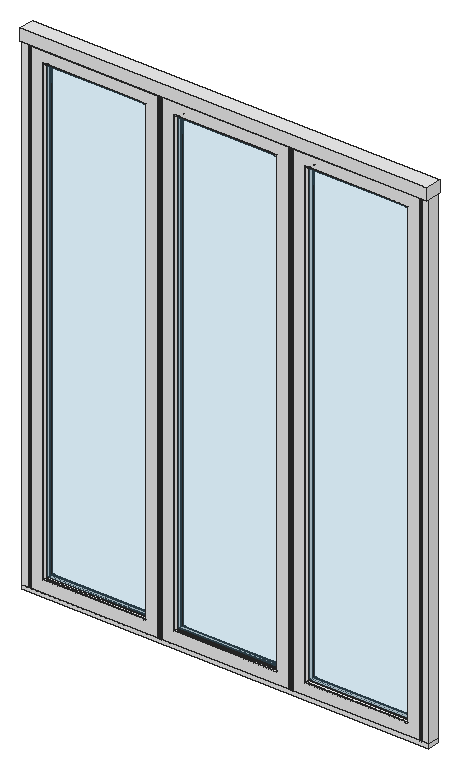
Revit family "Window-NanaWall-WD-66", category Windows, host Wall, Revit 2013 (continued)
Definition of nested family "Left-Jamb_WD-66"
  Definition of nested family "RightJamb_WD66"
    Lines and regions (in)
      model lines, style "DetailComponents", in view "Ref. Level", visible <- "Half Piece"
        curve 430: line (0.3799084, -0.5708661, 0) -> (0.7736091, -0.5708661, 0)
        curve 431: line (0.7736091, -1.2795276, 0) -> (0.7736091, -1.0991949, 0)
        curve 491: line (2.8602233, -0.8070866, 0) -> (2.8602233, -0.7086614, 0)
        curve 492: line (2.8602233, -0.7086614, 0) -> (3.0373887, -0.7086614, 0)
        curve 493: line (3.0373887, -0.7086614, 0) -> (3.0373887, -0.7480315, 0)
        curve 494: line (3.0373887, -0.7480315, 0) -> (3.1228615, -0.7169219, 0)
        curve 495: line (3.1358139, -0.698424, 0) -> (3.1358139, -0.6692913, 0)
        curve 496: line (3.1161288, -0.6496063, 0) -> (2.9192784, -0.6496063, 0)
        curve 497: line (2.9192784, -0.6496063, 0) -> (2.9192784, -0.4928982, 0)
        curve 498: line (2.9192784, -0.4928982, 0) -> (2.9074674, -0.4724409, 0)
        curve 499: line (2.9074674, -0.4724409, 0) -> (2.9192784, -0.4519837, 0)
        curve 500: line (2.9192784, -0.4519837, 0) -> (2.9192784, -0.2423921, 0)
        curve 501: line (3.1228615, 0.6381818, 0) -> (3.0373887, 0.6692913, 0)
        curve 502: line (3.0373887, 0.6692913, 0) -> (3.0373887, 0.6299213, 0)
        curve 503: line (3.0373887, 0.6299213, 0) -> (2.8602233, 0.6299213, 0)
        curve 504: line (2.8602233, 0.6299213, 0) -> (2.8602233, 0.7283465, 0)
        curve 505: line (2.9192784, 0.1636519, 0) -> (2.9192784, 0.3732435, 0)
        curve 506: line (2.9192784, 0.3732435, 0) -> (2.9074674, 0.3937008, 0)
        curve 507: line (2.9074674, 0.3937008, 0) -> (2.9192784, 0.4141581, 0)
        curve 508: line (2.9192784, 0.4141581, 0) -> (2.9192784, 0.5708661, 0)
        curve 509: line (2.9192784, 0.5708661, 0) -> (3.1161288, 0.5708661, 0)
        curve 510: line (3.1358139, 0.5905512, 0) -> (3.1358139, 0.6196839, 0)
        curve 511: line (2.702743, -0.8464567, 0) -> (2.8208532, -0.8464567, 0)
        curve 512: line (2.6633729, -0.7086614, 0) -> (2.8208532, -0.7086614, 0)
        curve 513: line (2.8208532, -0.7086614, 0) -> (2.8208532, -0.8070866, 0)
        curve 514: line (2.8208532, -0.8070866, 0) -> (2.7421131, -0.8070866, 0)
        curve 515: line (2.8405383, 0.5905512, 0) -> (2.702743, 0.5905512, 0)
        curve 516: line (2.702743, 0.5905512, 0) -> (2.8405383, 0.5905512, 0)
        curve 517: line (2.8405383, 0.5905512, 0) -> (2.8405383, 0.2203531, 0)
        curve 518: line (2.694869, -0.2403889, 0) -> (2.694869, 0.1616488, 0)
        curve 519: line (2.6240028, 0.2362205, 0) -> (2.6240028, -0.3149606, 0)
        curve 520: line (2.8846847, -0.1588755, 0) -> (2.8693701, -0.1435609, 0)
        curve 521: line (2.6739579, -0.3543307, 0) -> (2.6633729, -0.3543307, 0)
        curve 522: line (2.6633729, -0.3543307, 0) -> (2.6739579, -0.3543307, 0)
        curve 523: line (2.8693701, 0.0648207, 0) -> (2.8846847, 0.0801354, 0)
        curve 524: line (2.6633729, 0.2755906, 0) -> (2.6739579, 0.2755906, 0)
        curve 525: line (2.6739579, 0.2755906, 0) -> (2.6633729, 0.2755906, 0)
        curve 526: line (2.8208532, 0.7677165, 0) -> (2.702743, 0.7677165, 0)
        curve 527: line (2.7421131, 0.7283465, 0) -> (2.8208532, 0.7283465, 0)
        curve 528: line (2.8208532, 0.7283465, 0) -> (2.8208532, 0.6299213, 0)
        curve 529: line (2.8208532, 0.6299213, 0) -> (2.6633729, 0.6299213, 0)
        curve 530: line (3.0373887, -1.3385827, 0) -> (0.8523493, -1.3385827, 0)
        curve 531: line (3.0570737, -0.8661417, 0) -> (2.5846328, -0.8661417, 0)
        curve 532: line (2.5846328, -0.8661417, 0) -> (2.5846328, -0.6692913, 0)
        curve 533: line (2.5846328, -0.6692913, 0) -> (2.8405383, -0.6692913, 0)
        curve 534: line (2.8405383, -0.6692913, 0) -> (2.702743, -0.6692913, 0)
        curve 535: line (2.702743, -0.6692913, 0) -> (2.8405383, -0.6692913, 0)
        curve 536: line (2.8405383, -0.6692913, 0) -> (2.8405383, -0.2990933, 0)
        curve 537: line (0.4545703, 1.2598425, 0) -> (3.0373887, 1.2598425, 0)
        curve 538: line (3.1358139, -0.9448819, 0) -> (3.1358139, -1.2401575, 0)
        curve 539: line (3.1358139, 1.1614173, 0) -> (3.1358139, 0.8661417, 0)
        curve 540: line (2.8405383, -0.6692913, 0) -> (2.8405383, -0.3543307, 0)
        curve 541: line (2.8405383, -0.3543307, 0) -> (2.5846328, -0.3543307, 0)
        curve 542: line (2.5846328, -0.3543307, 0) -> (2.5846328, 0.2755906, 0)
        curve 543: line (2.5846328, 0.2755906, 0) -> (2.8405383, 0.2755906, 0)
        curve 544: line (2.8405383, 0.2755906, 0) -> (2.8405383, 0.5905512, 0)
        curve 545: line (2.8405383, 0.5905512, 0) -> (2.5846328, 0.5905512, 0)
        curve 546: line (2.5846328, 0.5905512, 0) -> (2.5846328, 0.7874016, 0)
        curve 547: line (2.5846328, 0.7874016, 0) -> (3.0570737, 0.7874016, 0)
        curve 548: line (0.8720343, -0.9000145, 0) -> (0.8720343, -1.0094344, 0)
        curve 549: line (0.8720343, -1.0094344, 0) -> (0.8720343, -0.9000145, 0)
        curve 550: line (0.8720343, 0.3543307, 0) -> (0.8720343, 0, 0)
        curve 551: line (0.8720343, 0, 0) -> (0.7736091, 0, 0)
        curve 552: line (0.7898759, -0.86901, 0) -> (0.8557676, -0.8806285, 0)
        curve 553: line (0.7898759, -1.0404388, 0) -> (0.8557676, -1.0288203, 0)
        curve 554: line (0.0685092, 0.6535903, 0) -> (0.2325957, 1.1044142, 0)
        curve 555: line (0.0822446, 0.591634, 0) -> (0.1226975, 0.5511811, 0)
        curve 556: line (0.1226975, 0.5511811, 0) -> (0.2814832, 0.5511811, 0)
      model lines, style "DetailComponents", in view "Ref. Level"
        curve 33: arc (3.7460501, -0.321217, 0) -> (3.8051812, -0.2238618, 0) -> (3.8381427, -0.1148294, 0) r 0.4527559
        curve 35: arc (3.9330623, -0.1068616, 0) -> (3.9664576, -0.1756033, 0) -> (4.0200522, -0.2300853, 0) r 0.2362205
        curve 36: arc (4.0200522, -0.2300853, 0) -> (4.0398055, -0.2321164, 0) -> (4.0512776, -0.215908, 0) r 0.019685
        curve 37: arc (4.0200522, 0.1513451, 0) -> (3.9664576, 0.0968631, 0) -> (3.9330623, 0.0281215, 0) r 0.2362205
        curve 38: arc (4.0610107, 0.0259178, 0) -> (4.0413257, -0.0393701, 0) -> (4.0610107, -0.104658, 0) r 0.1181102
        curve 39: arc (4.0512776, 0.1371678, 0) -> (4.0398055, 0.1533763, 0) -> (4.0200522, 0.1513451, 0) r 0.019685
        curve 40: arc (3.8381427, 0.0360892, 0) -> (3.8182601, 0.1124552, 0) -> (3.7854202, 0.184209, 0) r 0.4527559
        curve 41: arc (3.8575524, -0.0984252, 0) -> (3.8448458, -0.1030755, 0) -> (3.8381427, -0.1148294, 0) r 0.019685
        curve 42: arc (3.8381427, 0.0360892, 0) -> (3.8448458, 0.0243354, 0) -> (3.8575524, 0.019685, 0) r 0.019685
        curve 43: arc (3.9330623, -0.1068616, 0) -> (3.9288021, -0.1007663, 0) -> (3.9217436, -0.0984252, 0) r 0.011811
        curve 44: arc (3.9217436, 0.019685, 0) -> (3.9288021, 0.0220262, 0) -> (3.9330623, 0.0281215, 0) r 0.011811
        curve 47: arc (3.7566086, 0.5135267, 0) -> (3.7496518, 0.5268906, 0) -> (3.7352828, 0.5314212, 0) r 0.019685
        curve 78: arc (3.7981449, 0.7009713, 0) -> (3.8011728, 0.7069146, 0) -> (3.7985536, 0.7130489, 0) r 0.007874
        curve 79: arc (3.7570433, 0.6467584, 0) -> (3.7619722, 0.6407761, 0) -> (3.7696393, 0.6419162, 0) r 0.007874
        curve 80: arc (3.7538045, 0.6651265, 0) -> (3.7499871, 0.6705783, 0) -> (3.743357, 0.6711584, 0) r 0.007874
        curve 81: arc (3.8453799, 0.7009713, 0) -> (3.8484078, 0.7069146, 0) -> (3.8457886, 0.7130489, 0) r 0.007874
        curve 82: arc (3.7709855, 0.779978, 0) -> (3.7659133, 0.781982, 0) -> (3.7607556, 0.7802096, 0) r 0.007874
        curve 83: arc (3.7233905, 0.7550084, 0) -> (3.727531, 0.7545118, 0) -> (3.7313445, 0.7561994, 0) r 0.007874
        curve 84: arc (3.7759883, 0.7332389, 0) -> (3.7709161, 0.7352429, 0) -> (3.7657585, 0.7334705, 0) r 0.007874
        curve 86: arc (3.6476249, 0.6894568, 0) -> (3.6509826, 0.6830067, 0) -> (3.658192, 0.6820576, 0) r 0.007874
        curve 88: arc (3.6584735, 0.7389739, 0) -> (3.651107, 0.7382187, 0) -> (3.6476249, 0.7316833, 0) r 0.007874
        curve 104: arc (3.798066, -0.7891193, 0) -> (3.8006851, -0.782985, 0) -> (3.7976572, -0.7770417, 0) r 0.007874
        curve 105: arc (3.7691516, -0.7179866, 0) -> (3.7614846, -0.7168465, 0) -> (3.7565556, -0.7228289, 0) r 0.007874
        curve 106: arc (3.7428694, -0.7472288, 0) -> (3.7494994, -0.7466487, 0) -> (3.7533168, -0.7411969, 0) r 0.007874
        curve 107: arc (3.845301, -0.7891193, 0) -> (3.8479201, -0.782985, 0) -> (3.8448922, -0.7770417, 0) r 0.007874
        curve 108: arc (3.760268, -0.85628, 0) -> (3.7654256, -0.8580524, 0) -> (3.7704978, -0.8560485, 0) r 0.007874
        curve 109: arc (3.7308569, -0.8322698, 0) -> (3.7270434, -0.8305822, 0) -> (3.7229028, -0.8310789, 0) r 0.007874
        curve 110: arc (3.7652708, -0.8095409, 0) -> (3.7704285, -0.8113133, 0) -> (3.7755006, -0.8093093, 0) r 0.007874
        curve 112: arc (3.6577043, -0.758128, 0) -> (3.6504949, -0.7590772, 0) -> (3.6471372, -0.7655272, 0) r 0.007874
        curve 114: arc (3.6476249, -0.8104817, 0) -> (3.6518379, -0.81496, 0) -> (3.6579858, -0.8150443, 0) r 0.007874
        curve 119: arc (3.6476249, -1.2401575, 0) -> (3.676453, -1.3097546, 0) -> (3.7460501, -1.3385827, 0) r 0.0984252
        curve 120: arc (3.6476249, 0.8661417, 0) -> (3.6706873, 0.810464, 0) -> (3.726365, 0.7874016, 0) r 0.0787402
        curve 121: arc (3.726365, -0.8661417, 0) -> (3.6706873, -0.8892042, 0) -> (3.6476249, -0.9448819, 0) r 0.0787402
        curve 122: arc (3.7460501, 1.2598425, 0) -> (3.676453, 1.2310144, 0) -> (3.6476249, 1.1614173, 0) r 0.0984252
        curve 123: arc (5.222428, 1.1614173, 0) -> (5.1936, 1.2310144, 0) -> (5.1240028, 1.2598425, 0) r 0.0984252
        curve 124: arc (5.1240028, -1.3385827, 0) -> (5.1936, -1.3097546, 0) -> (5.222428, -1.2401575, 0) r 0.0984252
        curve 125: arc (3.8641603, 0.1636519, 0) -> (3.8731509, 0.1184531, 0) -> (3.898754, 0.0801354, 0) r 0.1181102
        curve 126: arc (3.898754, -0.1588755, 0) -> (3.8731509, -0.1971932, 0) -> (3.8641603, -0.2423921, 0) r 0.1181102
        curve 127: arc (3.6673099, -0.6496063, 0) -> (3.6533905, -0.6553719, 0) -> (3.6476249, -0.6692913, 0) r 0.019685
        curve 128: arc (3.6476249, -0.698424, 0) -> (3.6511849, -0.7097149, 0) -> (3.6605772, -0.7169219, 0) r 0.019685
        curve 129: arc (3.6605772, 0.6381818, 0) -> (3.6511849, 0.6309748, 0) -> (3.6476249, 0.6196839, 0) r 0.019685
        curve 130: arc (3.6476249, 0.5905512, 0) -> (3.6533905, 0.5766318, 0) -> (3.6673099, 0.5708661, 0) r 0.019685
        curve 131: arc (4.0806958, -0.8464567, 0) -> (4.0691645, -0.8186178, 0) -> (4.0413257, -0.8070866, 0) r 0.0393701
        curve 132: arc (3.9232154, -0.8070866, 0) -> (3.9347467, -0.8349255, 0) -> (3.9625855, -0.8464567, 0) r 0.0393701
        curve 133: arc (4.1200658, -0.7086614, 0) -> (4.1085346, -0.6808226, 0) -> (4.0806958, -0.6692913, 0) r 0.0393701
        curve 134: arc (3.945522, -0.1485326, 0) -> (3.9310614, -0.1380367, 0) -> (3.9140686, -0.1435609, 0) r 0.019685
        curve 135: arc (3.9620231, -0.2898174, 0) -> (4.0316149, -0.3315301, 0) -> (4.1094809, -0.3543307, 0) r 0.3188976
        curve 136: arc (3.945522, -0.1485326, 0) -> (3.9937973, -0.2132651, 0) -> (4.0607998, -0.258337, 0) r 0.2401575
        curve 137: arc (3.9620231, -0.2898174, 0) -> (3.9495567, -0.2884665, 0) -> (3.9429005, -0.2990933, 0) r 0.011811
        curve 138: arc (4.1200658, -0.3543307, 0) -> (4.1479047, -0.3427995, 0) -> (4.1594359, -0.3149606, 0) r 0.0393701
        curve 139: arc (4.0607998, -0.258337, 0) -> (4.07957, -0.2569215, 0) -> (4.0885698, -0.2403889, 0) r 0.019685
        curve 140: arc (4.0607998, 0.1795969, 0) -> (3.9937973, 0.1345249, 0) -> (3.945522, 0.0697924, 0) r 0.2401575
        curve 141: arc (4.1094809, 0.2755906, 0) -> (4.0316149, 0.25279, 0) -> (3.9620231, 0.2110773, 0) r 0.3188976
        curve 142: arc (3.9140686, 0.0648207, 0) -> (3.9310614, 0.0592965, 0) -> (3.945522, 0.0697924, 0) r 0.019685
        curve 143: arc (3.9429005, 0.2203531, 0) -> (3.9495567, 0.2097263, 0) -> (3.9620231, 0.2110773, 0) r 0.011811
        curve 144: arc (4.1594359, 0.2362205, 0) -> (4.1479047, 0.2640593, 0) -> (4.1200658, 0.2755906, 0) r 0.0393701
        curve 145: arc (4.0885698, 0.1616488, 0) -> (4.07957, 0.1781814, 0) -> (4.0607998, 0.1795969, 0) r 0.019685
        curve 146: arc (4.0413257, 0.7283465, 0) -> (4.0691645, 0.7398777, 0) -> (4.0806958, 0.7677165, 0) r 0.0393701
        curve 147: arc (3.9625855, 0.7677165, 0) -> (3.9347467, 0.7561853, 0) -> (3.9232154, 0.7283465, 0) r 0.0393701
        curve 148: arc (4.0806958, 0.5905512, 0) -> (4.1085346, 0.6020824, 0) -> (4.1200658, 0.6299213, 0) r 0.0393701
        curve 257: line (3.7566086, 0.5135267, 0) -> (3.7854202, 0.184209, 0)
        curve 258: line (4.0512776, -0.215908, 0) -> (4.0610107, -0.104658, 0)
        curve 259: line (4.0610107, 0.0259178, 0) -> (4.0512776, 0.1371678, 0)
        curve 260: line (3.8575524, -0.0984252, 0) -> (3.9217436, -0.0984252, 0)
        curve 261: line (3.9217436, 0.019685, 0) -> (3.8575524, 0.019685, 0)
        curve 262: line (3.7460501, -0.321217, 0) -> (3.7460501, -0.635336, 0)
        curve 263: line (3.7460501, -0.635336, 0) -> (3.6476249, -0.6439471, 0)
        curve 264: line (3.6476249, -0.6439471, 0) -> (3.6476249, -1.3385827, 0)
        curve 327: line (3.7233905, 0.7550084, 0) -> (3.6476249, 0.785921, 0)
        curve 328: line (3.6476249, 0.785921, 0) -> (3.6476249, 1.0024565, 0)
        curve 329: line (3.658192, 0.6820576, 0) -> (3.6836355, 0.6913183, 0)
        curve 330: line (3.6836355, 0.6913183, 0) -> (3.7857645, 0.6913183, 0)
        curve 331: line (3.7857645, 0.6913183, 0) -> (3.7981449, 0.7009713, 0)
        curve 332: line (3.6476249, 0.5497006, 0) -> (3.6476249, 0.6363147, 0)
        curve 333: line (3.6476249, 0.6363147, 0) -> (3.743357, 0.6711584, 0)
        curve 334: line (3.7657585, 0.7334705, 0) -> (3.7528457, 0.7229289, 0)
        curve 335: line (3.7528457, 0.7229289, 0) -> (3.6977991, 0.7229289, 0)
        curve 336: line (3.6977991, 0.7229289, 0) -> (3.6584735, 0.7389739, 0)
        curve 337: line (3.8457886, 0.7130489, 0) -> (3.7709855, 0.779978, 0)
        curve 338: line (3.7985536, 0.7130489, 0) -> (3.7759883, 0.7332389, 0)
        curve 339: line (3.7696393, 0.6419162, 0) -> (3.8453799, 0.7009713, 0)
        curve 340: line (3.7538045, 0.6651265, 0) -> (3.7570433, 0.6467584, 0)
        curve 341: line (3.7607556, 0.7802096, 0) -> (3.7313445, 0.7561994, 0)
        curve 342: line (3.6476249, 0.7316833, 0) -> (3.6476249, 0.6894568, 0)
        curve 393: line (3.7229028, -0.8310789, 0) -> (3.6471372, -0.8619914, 0)
        curve 394: line (3.6471372, -0.8619914, 0) -> (3.6471372, -1.0785269, 0)
        curve 395: line (3.6577043, -0.758128, 0) -> (3.6831478, -0.7673887, 0)
        curve 396: line (3.6831478, -0.7673887, 0) -> (3.7852768, -0.7673887, 0)
        curve 397: line (3.7852768, -0.7673887, 0) -> (3.7976572, -0.7770417, 0)
        curve 398: line (3.6471372, -0.625771, 0) -> (3.6471372, -0.7123851, 0)
        curve 399: line (3.6471372, -0.7123851, 0) -> (3.7428694, -0.7472288, 0)
        curve 400: line (3.7652708, -0.8095409, 0) -> (3.752358, -0.7989993, 0)
        curve 401: line (3.752358, -0.7989993, 0) -> (3.6973114, -0.7989993, 0)
        curve 402: line (3.6973114, -0.7989993, 0) -> (3.6579858, -0.8150443, 0)
        curve 403: line (3.845301, -0.7891193, 0) -> (3.7704978, -0.8560485, 0)
        curve 404: line (3.798066, -0.7891193, 0) -> (3.7755006, -0.8093093, 0)
        curve 405: line (3.7691516, -0.7179866, 0) -> (3.8448922, -0.7770417, 0)
        curve 406: line (3.7533168, -0.7411969, 0) -> (3.7565556, -0.7228289, 0)
        curve 407: line (3.760268, -0.85628, 0) -> (3.7308569, -0.8322698, 0)
        curve 408: line (3.6471372, -0.8077537, 0) -> (3.6471372, -0.7655272, 0)
        curve 432: line (3.6476249, -0.9448819, 0) -> (3.6476249, -1.2401575, 0)
        curve 433: line (3.7460501, -1.3385827, 0) -> (5.1240028, -1.3385827, 0)
        curve 434: line (3.726365, 0.7874016, 0) -> (4.198806, 0.7874016, 0)
        curve 435: line (4.198806, 0.7874016, 0) -> (4.198806, 0.5905512, 0)
        curve 436: line (4.198806, 0.5905512, 0) -> (3.9429005, 0.5905512, 0)
        curve 437: line (3.9429005, 0.5905512, 0) -> (3.9429005, 0.2203531, 0)
        curve 438: line (5.1240028, 1.2598425, 0) -> (3.7460501, 1.2598425, 0)
        curve 439: line (3.726365, -0.8661417, 0) -> (4.198806, -0.8661417, 0)
        curve 440: line (4.198806, -0.8661417, 0) -> (4.198806, -0.6692913, 0)
        curve 441: line (4.198806, -0.6692913, 0) -> (3.9429005, -0.6692913, 0)
        curve 442: line (3.9429005, -0.6692913, 0) -> (3.9429005, -0.3543307, 0)
        curve 443: line (3.9429005, -0.3543307, 0) -> (4.198806, -0.3543307, 0)
        curve 444: line (4.198806, -0.3543307, 0) -> (4.198806, 0.2755906, 0)
        curve 445: line (4.198806, 0.2755906, 0) -> (3.9429005, 0.2755906, 0)
        curve 446: line (3.9429005, 0.2755906, 0) -> (3.9429005, 0.5905512, 0)
        curve 447: line (3.9429005, 0.5905512, 0) -> (4.0806958, 0.5905512, 0)
        curve 448: line (4.0806958, 0.5905512, 0) -> (3.9429005, 0.5905512, 0)
        curve 449: line (3.6476249, 1.1614173, 0) -> (3.6476249, 0.8661417, 0)
        curve 450: line (5.222428, 1.1614173, 0) -> (5.222428, 0.3543307, 0)
        curve 451: line (5.222428, 0.3543307, 0) -> (4.9862076, 0.3543307, 0)
        curve 452: line (4.9862076, 0.3543307, 0) -> (4.9862076, -0.4330709, 0)
        curve 453: line (4.9862076, -0.4330709, 0) -> (5.222428, -0.4330709, 0)
        curve 454: line (5.222428, -0.4330709, 0) -> (5.222428, -1.2401575, 0)
        curve 455: line (3.9232154, -0.8070866, 0) -> (3.9232154, -0.7086614, 0)
        curve 456: line (3.9232154, -0.7086614, 0) -> (3.7460501, -0.7086614, 0)
        curve 457: line (3.7460501, -0.7086614, 0) -> (3.7460501, -0.7480315, 0)
        curve 458: line (3.7460501, -0.7480315, 0) -> (3.6605772, -0.7169219, 0)
        curve 459: line (3.6476249, -0.698424, 0) -> (3.6476249, -0.6692913, 0)
        curve 460: line (3.6673099, -0.6496063, 0) -> (3.8641603, -0.6496063, 0)
        curve 461: line (3.8641603, -0.6496063, 0) -> (3.8641603, -0.4928982, 0)
        curve 462: line (3.8641603, -0.4928982, 0) -> (3.8759713, -0.4724409, 0)
        curve 463: line (3.8759713, -0.4724409, 0) -> (3.8641603, -0.4519837, 0)
        curve 464: line (3.8641603, -0.4519837, 0) -> (3.8641603, -0.2423921, 0)
        curve 465: line (3.6605772, 0.6381818, 0) -> (3.7460501, 0.6692913, 0)
        curve 466: line (3.7460501, 0.6692913, 0) -> (3.7460501, 0.6299213, 0)
        curve 467: line (3.7460501, 0.6299213, 0) -> (3.9232154, 0.6299213, 0)
        curve 468: line (3.9232154, 0.6299213, 0) -> (3.9232154, 0.7283465, 0)
        curve 469: line (3.8641603, 0.1636519, 0) -> (3.8641603, 0.3732435, 0)
        curve 470: line (3.8641603, 0.3732435, 0) -> (3.8759713, 0.3937008, 0)
        curve 471: line (3.8759713, 0.3937008, 0) -> (3.8641603, 0.4141581, 0)
        curve 472: line (3.8641603, 0.4141581, 0) -> (3.8641603, 0.5708661, 0)
        curve 473: line (3.8641603, 0.5708661, 0) -> (3.6673099, 0.5708661, 0)
        curve 474: line (3.6476249, 0.5905512, 0) -> (3.6476249, 0.6196839, 0)
        curve 475: line (3.9429005, -0.2990933, 0) -> (3.9429005, -0.6692913, 0)
        curve 476: line (3.9429005, -0.6692913, 0) -> (4.0806958, -0.6692913, 0)
        curve 477: line (4.0806958, -0.8464567, 0) -> (3.9625855, -0.8464567, 0)
        curve 478: line (4.1200658, -0.7086614, 0) -> (3.9625855, -0.7086614, 0)
        curve 479: line (3.9625855, -0.7086614, 0) -> (3.9625855, -0.8070866, 0)
        curve 480: line (3.9625855, -0.8070866, 0) -> (4.0413257, -0.8070866, 0)
        curve 481: line (4.0885698, -0.2403889, 0) -> (4.0885698, 0.1616488, 0)
        curve 482: line (4.1594359, 0.2362205, 0) -> (4.1594359, -0.3149606, 0)
        curve 483: line (3.898754, -0.1588755, 0) -> (3.9140686, -0.1435609, 0)
        curve 484: line (4.1200658, -0.3543307, 0) -> (4.1094809, -0.3543307, 0)
        curve 485: line (3.9140686, 0.0648207, 0) -> (3.898754, 0.0801354, 0)
        curve 486: line (4.1094809, 0.2755906, 0) -> (4.1200658, 0.2755906, 0)
        curve 487: line (3.9625855, 0.7677165, 0) -> (4.0806958, 0.7677165, 0)
        curve 488: line (4.0413257, 0.7283465, 0) -> (3.9625855, 0.7283465, 0)
        curve 489: line (3.9625855, 0.7283465, 0) -> (3.9625855, 0.6299213, 0)
        curve 490: line (3.9625855, 0.6299213, 0) -> (4.1200658, 0.6299213, 0)
      detail lines, in view "Ref. Level", visible <- "Half Piece"
        curve 557: line (3.6476249, -1.3582677, 0) -> (3.6476249, -1.2401575, 0)
      detail lines, in view "Ref. Level"
        curve 558: line (3.6476249, 0.5237521, 0) -> (3.7352828, 0.5314212, 0)
        curve 559: line (3.6476249, -1.2745626, 0) -> (3.6476249, -1.3385827, 0)
Definition of nested family "DetailItem_Panel"
  Parameters (values of type "DetailItem_Panel")
    Panel Thickness = 0' - 1 3/4"
    Panel Width = 2' - 5 135/256"
    Assembly Code = ""
  Reference planes (in)
    plane 1 "Center (Front/Back)": y = -1.6601664
    plane 2: z = 0
    plane 3 "Center (Left/Right)": x = 0.0452739
    plane 4 "Right": x = 0.9202739
    plane 5: x = -0.8297261
    plane 6 "Back": y = 13.1035055
    plane 7: y = -16.4238383
  Lines and regions (in)
    detail lines, in view "Ref. Level"
      curve 1: line (-0.8297261, 13.1035055, 0) -> (-0.8297261, -16.4238383, 0)
      curve 2: line (-0.8297261, 13.1035055, 0) -> (0.9202739, 13.1035055, 0)
      curve 3: line (0.9202739, 13.1035055, 0) -> (0.9202739, -16.4238383, 0)
      curve 4: line (-0.8297261, -16.4238383, 0) -> (0.9202739, -16.4238383, 0)
  Dimensions and locks (in)
    equal spacing: plane 5, plane 3 "Center (Left/Right)", plane 4 "Right"
    "Panel Thickness": plane 5 to plane 4 "Right"
    equal spacing: plane 6 "Back", plane 1 "Center (Front/Back)", plane 7
    "Panel Width": plane 6 "Back" to plane 7
    aligned and locked: curve 1 to plane 5
    aligned and locked: curve 2 to plane 6 "Back"
    aligned and locked: curve 3 to plane 4 "Right"
    aligned and locked: curve 4 to plane 7
